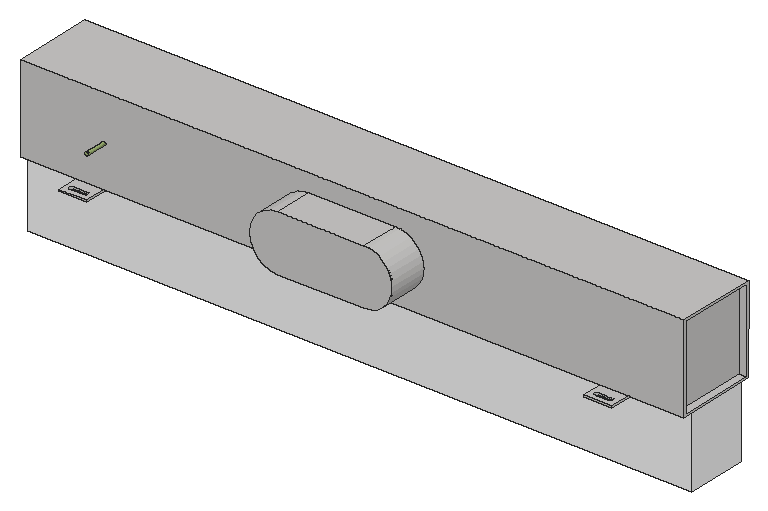
Revit family "HVAC-Inffuser-Dadanco-IDL10i", category Mechanical Equipment, Revit 2015
Parameters (values of type "4' Nominal Length")
  Zone Name [instance] = ""
  Zone ID [instance] = ""
  Unit Width = 0' - 8 199/256"  # constant formula
  Unit Tag [instance] = ""
  Unit Height = 0' - 11 95/256"  # constant formula
  URL = "http://www.dadanco.com/"
  Type Comments = "1 way Discharge Internal Entrainment Linear Inffuser"
  Total Cooling Capacity = 0.0 Btu/h
  Supply Air = 0 CFM
  Revision Date = "04/04/2008"  # constant formula
  Primary Air Static Pressure [instance] = PASP  # 0.00 in-wg
  Primary Air Inlet Size = 0' - 8"
  Primary Air Flow Rate [instance] = PA  # 0 CFM
  PASP = 0.00 in-wg
  PA = 0 CFM
  Overall Unit Length = Nominal Unit Length - 0' 0 1/4"  # 3' - 11 3/4"
  Nozzle Configuration = ""
  Nominal Unit Length = 4' - 0"
  Net Unit Cooling Sensible = 0.0 Btu/h
  Model Number = ""
  Latent Cooling = 0.0 Btu/h
  Keynote = "23 37 00.A1"
  Grill Material = Metal-Dadanco-Aluminum-Bone White
  Product Page URL = "http://www.dadanco.com/inffuser/dadanco_inffuser_air.asp"
  Documentation Link = "http://www.dadanco.com/inffuser/air_quality_literature.asp?productLineID=31"
  Discharge Rear [instance] = not(Discharge Front)  # no
  Discharge Front [instance] = yes
  Cooling Supply Air Temperature = 0 °F
  Cooling Room Relative Humidity = 0
  Cooling Room Dry Bulb = 0 °F
  Cooling Primary Air Relative Humidity = 0
  Model = "IDL10I"  # constant formula
  Manufacturer = "Dadanco"  # constant formula
  Plenum Material = Metal-Dadanco-Steel-Galvanized
  Description = "Inffuser"  # constant formula
  Cooling Primary Air Dry Bulb = 0 °F
  Architectural Design Manual = "http://www.dadanco.com/inffuser/dadanco_inffuser_air.asp"
  Air Inlet Length = if(Primary Air Inlet Size = 0' 6", 0' 7 215/256", if(Primary Air Inlet Size = 0' 8", 0' 10 61/256", if(Primary Air Inlet Size = 0' 10", 1' 0 215/256", 0' 6")))  # 0' - 10 61/256"
  Air Inlet Radius = if(Primary Air Inlet Size = 0' 6", 0' 1 41/128", if(Primary Air Inlet Size = 0' 8", 0' 2 5/256", if(Primary Air Inlet Size = 0' 10", 0' 2 41/128", 0' 1 1/2")))  # 0' - 2 5/256"
  Air Inlet Height = Air Inlet Radius * 2  # 0' - 4 5/128"
  Air Inlet Half Length = Air Inlet Length / 2  # 0' - 5.11914"
  Assembly Code = "D3040100"
Reference planes (in)
  plane 1 "Center (Front/Back)": y = 4.89822
  plane 2 "Bottom of Plenum": z = 5.07209
  plane 3 "Center (Left/Right)": x = 0.55581
  plane 4 "Nominal Right": x = 24.43081
  plane 5 "Back Edge of Back Bracket": y = 9.28689
  plane 6 "Front Edge of Front Bracket": y = 0.50955
  plane 7 "Top": z = 11.37109
  plane 8 "Bottom": z = 0
  plane 9 "Nominal Left": x = -23.31919
  plane 10 "Back Face of Plenum": y = 7.77822
  plane 11 "Front Face of Plenum": y = 2.01822
  plane 12 "Back Face of Grill": y = 7.06372
  plane 13 "Front Face of Grill": y = 2.73272
  plane 14 "Comiss Pipe Centerline": x = -17.31919
  plane 15 "Left Bracket Left Edge": x = -19.31919
  plane 16 "Right Bracket Right Edge": x = 20.43081
  plane 17 "Left End of Air Inlet": x = -4.56333
  plane 18 "Right End of Air Inlet": x = 5.67495
  plane 19 "Horizontal Centerline of Air Inlet": z = 8.07209
  plane 20 "Top of Grill": z = 4.08809
Forms (in)
  Extrusion 1, solid, material "Metal-Dadanco-Steel-Galvanized" <- "Plenum Material"
    sketch origin (0.55581, 0, 0) x (0, 1, 0) y (0, 0, 1)
      loop
        line (2.01822, 5.07209) -> (7.77822, 5.07209) -> (7.77822, 11.37109) -> (2.01822, 11.37109) -> (2.01822, 5.07209)
    from -23.875 to 23.875
  Extrusion 2, void, detail levels medium+fine
    sketch origin (0.55581, 0, 0) x (0, 1, 0) y (0, 0, 1)
      loop
        line (2.14322, 5.19709) -> (7.65322, 5.19709) -> (7.65322, 11.24609) -> (2.14322, 11.24609) -> (2.14322, 5.19709)
    from 23.275 to 23.875
  Extrusion 3, void, detail levels medium+fine
    sketch origin (-23.31919, 29.0104, 48) x (0, -1, 0) y (0, 0, 1)
      loop
        line (21.35718, -42.80291) -> (26.86718, -42.80291) -> (26.86718, -36.75391) -> (21.35718, -36.75391) -> (21.35718, -42.80291)
    from -0.60156 to 0
  Extrusion 4, solid, material "Metal-Dadanco-Copper-Platina", detail levels medium+fine
    sketch origin (-9.20803, 2.01822, 25.43034) x (0, 0, -1) y (-1, 0, 0)
      loop
        circle (17.35825, 8.11116) r 0.125
    from -1.50867 to 0
  Extrusion 5, solid, material "Metal-Dadanco-Steel-Galvanized" <- "Plenum Material", detail levels medium+fine
    sketch origin (0, 2.01822, 0) x (-1, 0, 0) y (0, 0, 1)
      loop
        line (2.5438, 10.09163) -> (-3.65542, 10.09163)
        spline (-3.65542, 10.09163) -> (-4.17811, 10.02281) -> (-4.66519, 9.82106) -> (-5.08345, 9.50012) -> (-5.40439, 9.08186) -> (-5.60614, 8.59479) -> (-5.67495, 8.07209) -> (-5.60614, 7.5494) -> (-5.40439, 7.06233) -> (-5.08345, 6.64407) -> (-4.66519, 6.32313) -> (-4.17811, 6.12138) -> (-3.65542, 6.05256)
        line (-3.65542, 6.05256) -> (2.5438, 6.05256)
        spline (2.5438, 6.05256) -> (3.06649, 6.12138) -> (3.55356, 6.32313) -> (3.97182, 6.64407) -> (4.29276, 7.06233) -> (4.49452, 7.5494) -> (4.56333, 8.07209) -> (4.49452, 8.59479) -> (4.29276, 9.08186) -> (3.97182, 9.50012) -> (3.55356, 9.82106) -> (3.06649, 10.02281) -> (2.5438, 10.09163)
    from -2.8 to 0
  Extrusion 6, solid, material "Metal-Dadanco-Aluminum-Bone White" <- "Grill Material"
    sketch origin (0.55581, 0, 0) x (0, 1, 0) y (0, 0, 1)
      loop
        line (2.73272, 0) -> (7.06372, 0) -> (7.06372, 5.07209) -> (2.73272, 5.07209) -> (2.73272, 0)
    from -23.875 to 23.875
Cuts and joins
  Extrusion 2, Extrusion 3 cuts Extrusion 1
Lines and regions (in)
  Masking region 1
    outline origin (0, 0, 11.37109) x (0, 1, 0) y (-1, 0, 0)
      loop
        line (2.01822, 23.31919) -> (2.01822, -24.43081) -> (7.77822, -24.43081) -> (7.77822, 23.31919) -> (2.01822, 23.31919)
  Masking region 2
    outline origin (0, 2.01822, 0) x (-1, 0, 0) y (0, 0, 1)
      loop
        line (-24.43081, 0) -> (23.31919, 0) -> (23.31919, 11.37109) -> (-24.43081, 11.37109) -> (-24.43081, 0)
  Masking region 3, detail levels medium+fine
    outline origin (-23.31919, 29.0104, 48) x (0, 1, 0) y (0, 0, 1)
      loop
        line (-21.23218, -36.62891) -> (-26.99218, -36.62891) -> (-26.99218, -42.92791) -> (-26.27768, -42.92791) -> (-26.27768, -48) -> (-21.94668, -48) -> (-21.94668, -42.92791) -> (-21.23218, -42.92791) -> (-21.23218, -36.62891)
  Masking region 4, detail levels medium+fine
    outline origin (24.43081, 0, 0) x (0, 1, 0) y (0, 0, 1)
      loop
        line (7.77822, 11.37109) -> (2.01822, 11.37109) -> (2.01822, 5.07209) -> (2.73272, 5.07209) -> (2.73272, 0) -> (7.06372, 0) -> (7.06372, 5.07209) -> (7.77822, 5.07209) -> (7.77822, 11.37109)
  Masking region 5, detail levels medium+fine
    outline origin (0, 0, 8.07209) x (-1, 0, 0) y (0, -1, 0)
      loop
        line (4.56333, 0.78178) -> (-5.67495, 0.78178) -> (-5.67495, -2.01822) -> (4.56333, -2.01822) -> (4.56333, 0.78178)
  Masking region 6, detail levels coarse
    outline origin (24.43081, 0, 0) x (0, 1, 0) y (0, 0, 1)
      loop
        line (2.01822, 11.37109) -> (2.01822, 0) -> (7.77822, 0) -> (7.77822, 11.37109) -> (2.01822, 11.37109)
  Masking region 7, detail levels medium+fine
    outline origin (0.55581, 0, 0) x (0, 1, 0) y (0, 0, 1)
      loop
        line (-0.78178, 6.05256) -> (2.01822, 6.05256) -> (2.01822, 10.09163) -> (-0.78178, 10.09163) -> (-0.78178, 6.05256)
  reference lines
    curve 1: line (-6.4555, 2.01822, 6.05256) -> (8.94293, 2.01822, 6.05256)
    curve 2: line (-6.4555, 2.01822, 10.09163) -> (8.94293, 2.01822, 10.09163)
    curve 4: line (-2.5438, 2.01822, 5.81945) -> (-2.5438, 2.01822, 10.68197)
    curve 5: line (3.65542, 2.01822, 5.81945) -> (3.65542, 2.01822, 10.68197)
    curve 6: line (-5.29742, -0.78178, 0) -> (7.35102, -0.78178, 0)
  model lines, style "MechanicalEquipment", detail levels medium+fine
    curve 3: line (-23.31919, 5.39822, 0) -> (24.43081, 5.39822, 0)
    curve 29: line (-23.31919, 4.39822, 0) -> (24.43081, 4.39822, 0)
    curve 30: line (-23.31919, 3.10772, 0) -> (24.43081, 3.10772, 0)
    curve 31: line (-23.31919, 6.68872, 0) -> (24.43081, 6.68872, 0)
  symbolic lines, detail levels fine
    curve 7: line (-17.44419, 2.01822, 5.07209) -> (-17.44419, 0.50955, 5.07209)
    curve 12: line (-23.31919, 7.65322, 5.19709) -> (-23.31919, 2.14322, 5.19709)
    curve 13: line (-23.31919, 7.65322, 11.24609) -> (-23.31919, 7.65322, 5.19709)
    curve 14: line (-23.31919, 2.14322, 11.24609) -> (-23.31919, 7.65322, 11.24609)
    curve 15: line (-23.31919, 2.14322, 5.19709) -> (-23.31919, 2.14322, 11.24609)
    curve 20: line (0.55581, 2.14322, 5.19709) -> (0.55581, 7.65322, 5.19709)
    curve 21: line (0.55581, 2.14322, 11.24609) -> (0.55581, 2.14322, 5.19709)
    curve 22: line (0.55581, 7.65322, 11.24609) -> (0.55581, 2.14322, 11.24609)
    curve 23: line (0.55581, 7.65322, 5.19709) -> (0.55581, 7.65322, 11.24609)
  symbolic lines, detail levels medium+fine
    curve 8: line (-23.34222, 7.77822, 5.07209) -> (24.43081, 7.77822, 5.07209)
    curve 9: line (-23.31919, 2.01822, 4.08809) -> (24.43081, 2.01822, 4.08809)
    curve 10: line (24.43081, 2.01822, 5.07209) -> (-23.34222, 2.01822, 5.07209)
    curve 11: line (-23.31919, 7.06372, 5.07209) -> (-23.31919, 2.73272, 5.07209)
    curve 16: line (-17.31919, 2.01822, 8.19709) -> (-17.31919, 0.50955, 8.19709)
    curve 17: line (-17.31919, 0.50955, 8.19709) -> (-17.31919, 0.50955, 7.94709)
    curve 18: line (-17.31919, 0.50955, 7.94709) -> (-17.31919, 2.01822, 7.94709)
    curve 19: line (24.43081, 2.73272, 5.07209) -> (24.43081, 7.06372, 5.07209)
    curve 24: circle (-17.31919, 2.01822, 8.07209) r 0.125 normal (0, 1, 0)
    curve 25: spline (-2.5438, 2.01822, 6.05256) -> (-3.06649, 2.01822, 6.12138) -> (-3.55356, 2.01822, 6.32313) -> (-3.97182, 2.01822, 6.64407) -> (-4.29276, 2.01822, 7.06233) -> (-4.49452, 2.01822, 7.5494) -> (-4.56333, 2.01822, 8.07209) -> (-4.49452, 2.01822, 8.59479) -> (-4.29276, 2.01822, 9.08186) -> (-3.97182, 2.01822, 9.50012) -> (-3.55356, 2.01822, 9.82106) -> (-3.06649, 2.01822, 10.02281) -> (-2.5438, 2.01822, 10.09163)
    curve 26: spline (3.65542, 2.01822, 10.09163) -> (4.17811, 2.01822, 10.02281) -> (4.66519, 2.01822, 9.82106) -> (5.08345, 2.01822, 9.50012) -> (5.40439, 2.01822, 9.08186) -> (5.60614, 2.01822, 8.59479) -> (5.67495, 2.01822, 8.07209) -> (5.60614, 2.01822, 7.5494) -> (5.40439, 2.01822, 7.06233) -> (5.08345, 2.01822, 6.64407) -> (4.66519, 2.01822, 6.32313) -> (4.17811, 2.01822, 6.12138) -> (3.65542, 2.01822, 6.05256)
    curve 27: line (-2.5438, 2.01822, 10.09163) -> (3.65542, 2.01822, 10.09163)
    curve 28: line (3.65542, 2.01822, 6.05256) -> (-2.5438, 2.01822, 6.05256)
Dimensions and locks (in)
  equal spacing: plane 9 "Nominal Left", plane 3 "Center (Left/Right)", plane 4 "Nominal Right"
  "Overall Unit Length": plane 9 "Nominal Left" to plane 4 "Nominal Right"
  "Unit Width": plane 6 "Front Edge of Front Bracket" to plane 5 "Back Edge of Back Bracket"
  equal spacing: plane 5 "Back Edge of Back Bracket", plane 1 "Center (Front/Back)", plane 6 "Front Edge of Front Bracket"
  "Unit Height": plane 7 "Top" to plane 8 "Bottom"
  locked: plane 7 "Top" to plane 2 "Bottom of Plenum" at 6.299
  locked: plane 10 "Back Face of Plenum" to plane 11 "Front Face of Plenum" at 5.76
  equal spacing: plane 10 "Back Face of Plenum", plane 1 "Center (Front/Back)", plane 11 "Front Face of Plenum"
  locked: plane 9 "Nominal Left" to plane 14 "Comiss Pipe Centerline" at 6
  locked: plane 9 "Nominal Left" to plane 15 "Left Bracket Left Edge" at 4
  locked: plane 16 "Right Bracket Right Edge" to plane 4 "Nominal Right" at 4
  locked: plane 19 "Horizontal Centerline of Air Inlet" to plane 2 "Bottom of Plenum" at 3
  "Air Inlet Half Length": plane 17 "Left End of Air Inlet" to plane 3 "Center (Left/Right)"
  "Air Inlet Half Length": plane 18 "Right End of Air Inlet" to plane 3 "Center (Left/Right)"
  "Air Inlet Radius": plane 19 "Horizontal Centerline of Air Inlet" to curve 1
  "Air Inlet Radius": curve 2 to plane 19 "Horizontal Centerline of Air Inlet"
  locked: plane 2 "Bottom of Plenum" to plane 20 "Top of Grill" at 0.984
  locked: plane 7 "Top" to Extrusion 2 sketch curve at 0.125
  locked: Extrusion 1 to Extrusion 2 sketch curve at 0.125
  locked: Extrusion 2 sketch curve to Extrusion 1 at 0.125
  locked: Extrusion 2 sketch curve to plane 2 "Bottom of Plenum" at 0.125
  locked: cut or joined group of Extrusion 1, Extrusion 2, Extrusion 3 to plane 4 "Nominal Right" at 0.6  (x2)
  locked: cut or joined group of Extrusion 1, Extrusion 2, Extrusion 3 to plane 9 "Nominal Left" at 0.60156
  plane 4 "Nominal Right" to cut or joined group of Extrusion 1, Extrusion 2, Extrusion 3 = 0' - 0"
  locked: plane 9 "Nominal Left" to cut or joined group of Extrusion 1, Extrusion 2, Extrusion 3 at 0
  locked: plane 1 "Center (Front/Back)" to curve 3 at 0.5
  "Air Inlet Radius": plane 17 "Left End of Air Inlet" to curve 4
  "Air Inlet Radius": plane 18 "Right End of Air Inlet" to curve 5
  locked: plane 18 "Right End of Air Inlet" to Extrusion 5 sketch curve at 0
  locked: plane 17 "Left End of Air Inlet" to Extrusion 5 sketch curve at 0
  locked: plane 11 "Front Face of Plenum" to curve 6 at 2.8
  locked: plane 12 "Back Face of Grill" to plane 13 "Front Face of Grill" at 4.331
  equal spacing: plane 12 "Back Face of Grill", plane 1 "Center (Front/Back)", plane 13 "Front Face of Grill"
  locked: plane 9 "Nominal Left" to cut or joined group of Extrusion 1, Extrusion 2, Extrusion 3 at 0.60156
  "Air Inlet Half Length": Masking region 5 sketch curve to plane 3 "Center (Left/Right)"
  "Air Inlet Half Length": plane 3 "Center (Left/Right)" to Masking region 5 sketch curve
  locked: curve 29 to plane 1 "Center (Front/Back)" at 0.5
  locked: curve 30 to plane 13 "Front Face of Grill" at 0.375
  locked: plane 12 "Back Face of Grill" to curve 31 at 0.375
  aligned and locked: plane 8 "Bottom" to level
  aligned and locked: plane 11 "Front Face of Plenum" to Extrusion 1 sketch curve
  aligned and locked: plane 7 "Top" to Extrusion 1 sketch curve
  aligned and locked: Extrusion 1 to plane 9 "Nominal Left"
  aligned and locked: Extrusion 1 to plane 4 "Nominal Right"
  aligned and locked: plane 10 "Back Face of Plenum" to Extrusion 1 sketch curve
  aligned and locked: Extrusion 2 to plane 4 "Nominal Right"
  aligned and locked: Extrusion 3 sketch curve to cut or joined group of Extrusion 1, Extrusion 2, Extrusion 3  (x3)
  aligned and locked: cut or joined group of Extrusion 1, Extrusion 2, Extrusion 3 to Extrusion 3 sketch curve
  aligned and locked: cut or joined group of Extrusion 1, Extrusion 2, Extrusion 3 to plane 4 "Nominal Right"
  aligned and locked: plane 4 "Nominal Right" to cut or joined group of Extrusion 1, Extrusion 2, Extrusion 3  (x3)
  aligned and locked: plane 9 "Nominal Left" to cut or joined group of Extrusion 1, Extrusion 2, Extrusion 3
  aligned and locked: Extrusion 3 to plane 9 "Nominal Left"
  aligned and locked: plane 11 "Front Face of Plenum" to Extrusion 4
  aligned and locked: plane 6 "Front Edge of Front Bracket" to Extrusion 4
  aligned and locked: plane 4 "Nominal Right" to curve 3
  aligned and locked: plane 9 "Nominal Left" to curve 3
  aligned and locked: curve 2 to Extrusion 5 sketch curve
  aligned and locked: Extrusion 5 sketch curve to curve 1
  aligned and locked: curve 5 to Extrusion 5 sketch curve  (x2)
  aligned and locked: curve 4 to Extrusion 5 sketch curve  (x2)
  aligned: plane 6 "Front Edge of Front Bracket" to Extrusion 5
  aligned and locked: plane 11 "Front Face of Plenum" to Extrusion 5
  aligned and locked: Masking region 1 sketch curve to cut or joined group of Extrusion 1, Extrusion 2, Extrusion 3  (x3)
  aligned and locked: cut or joined group of Extrusion 1, Extrusion 2, Extrusion 3 to Masking region 1 sketch curve
  aligned and locked: curve 6 to Extrusion 5
  aligned and locked: Masking region 2 sketch curve to curve 3
  aligned and locked: Masking region 2 sketch curve to cut or joined group of Extrusion 1, Extrusion 2, Extrusion 3  (x2)
  aligned and locked: plane 2 "Bottom of Plenum" to curve 8
  aligned and locked: plane 2 "Bottom of Plenum" to curve 10
  aligned and locked: curve 9 to plane 20 "Top of Grill"
  aligned and locked: Masking region 3 sketch curve to plane 7 "Top"
  aligned and locked: Masking region 3 sketch curve to plane 10 "Back Face of Plenum"
  aligned and locked: plane 11 "Front Face of Plenum" to Masking region 3 sketch curve
  aligned and locked: plane 13 "Front Face of Grill" to Masking region 3 sketch curve
  aligned and locked: Masking region 3 sketch curve to plane 12 "Back Face of Grill"
  aligned and locked: Masking region 3 sketch curve to plane 8 "Bottom"
  aligned and locked: plane 2 "Bottom of Plenum" to Masking region 3 sketch curve  (x2)
  aligned and locked: curve 12 to cut or joined group of Extrusion 1, Extrusion 2, Extrusion 3  (x2)
  aligned and locked: cut or joined group of Extrusion 1, Extrusion 2, Extrusion 3 to curve 15
  aligned and locked: curve 15 to cut or joined group of Extrusion 1, Extrusion 2, Extrusion 3
  aligned and locked: curve 20 to cut or joined group of Extrusion 1, Extrusion 2, Extrusion 3  (x2)
  aligned and locked: cut or joined group of Extrusion 1, Extrusion 2, Extrusion 3 to curve 23
  aligned and locked: curve 23 to cut or joined group of Extrusion 1, Extrusion 2, Extrusion 3
  aligned and locked: plane 14 "Comiss Pipe Centerline" to Extrusion 4 sketch curve
  aligned and locked: plane 19 "Horizontal Centerline of Air Inlet" to Extrusion 4 sketch curve
  aligned and locked: plane 5 "Back Edge of Back Bracket" to nested 2
  aligned and locked: plane 6 "Front Edge of Front Bracket" to nested 1
  aligned and locked: plane 6 "Front Edge of Front Bracket" to nested 4
  aligned and locked: plane 5 "Back Edge of Back Bracket" to nested 3
  aligned and locked: nested 1 to plane 2 "Bottom of Plenum"
  aligned and locked: plane 2 "Bottom of Plenum" to nested 2
  aligned and locked: plane 2 "Bottom of Plenum" to nested 3
  aligned and locked: nested 4 to plane 2 "Bottom of Plenum"
  aligned and locked: cut or joined group of Extrusion 1, Extrusion 2, Extrusion 3 to plane 2 "Bottom of Plenum"
  aligned and locked: plane 15 "Left Bracket Left Edge" to nested 4
  aligned and locked: nested 3 to plane 15 "Left Bracket Left Edge"
  aligned and locked: nested 2 to plane 16 "Right Bracket Right Edge"
  aligned and locked: plane 16 "Right Bracket Right Edge" to nested 1
  aligned and locked: Masking region 5 sketch curve to Extrusion 5  (x2)
  aligned and locked: curve 4 to curve 25  (x2)
  aligned and locked: curve 5 to curve 26  (x2)
  aligned and locked: curve 27 to Extrusion 5
  aligned and locked: curve 28 to Extrusion 5
  aligned and locked: plane 11 "Front Face of Plenum" to Masking region 6 sketch curve
  aligned and locked: plane 7 "Top" to Masking region 6 sketch curve
  aligned and locked: plane 8 "Bottom" to Masking region 6 sketch curve
  aligned and locked: plane 10 "Back Face of Plenum" to Masking region 6 sketch curve
  aligned and locked: Masking region 7 sketch curve to Extrusion 5  (x3)
  aligned and locked: Extrusion 5 to Masking region 7 sketch curve
  aligned and locked: plane 13 "Front Face of Grill" to Extrusion 6 sketch curve
  aligned and locked: plane 2 "Bottom of Plenum" to Extrusion 6 sketch curve
  aligned and locked: plane 8 "Bottom" to Extrusion 6 sketch curve
  aligned and locked: plane 12 "Back Face of Grill" to Extrusion 6 sketch curve
  aligned and locked: Extrusion 6 to plane 9 "Nominal Left"
  aligned and locked: Extrusion 6 to plane 4 "Nominal Right"
Automatic sketch dimensions
  curve 2 to plane 18 "Right End of Air Inlet" = 0' - 3.26798"
  plane 17 "Left End of Air Inlet" to curve 2 = 0' - 1.89217"
  curve 1 to curve 2 = 0' - 0"
  plane 17 "Left End of Air Inlet" to curve 1 = 0' - 1.89217"
  curve 4 to plane 7 "Top" = 0' - 0.68912"
  plane 2 "Bottom of Plenum" to curve 4 = 0' - 0.74736"
  plane 2 "Bottom of Plenum" to curve 5 = 0' - 0.74736"
  curve 5 to plane 7 "Top" = 0' - 0.68912"
  plane 18 "Right End of Air Inlet" to curve 6 = 0' - 1.67607"
  curve 6 to plane 17 "Left End of Air Inlet" = 0' - 0.73409"
  curve 11 to plane 2 "Bottom of Plenum" = 0' - 0"
  curve 11 to plane 13 "Front Face of Grill" = 0' - 0"
  curve 11 to plane 12 "Back Face of Grill" = 0' - 0"
  Extrusion 1 sketch curve to plane 2 "Bottom of Plenum" = 0' - 0"
  curve 30 to plane 4 "Nominal Right" = 0' - 0"
  curve 29 to plane 4 "Nominal Right" = 0' - 0"
  curve 31 to plane 4 "Nominal Right" = 0' - 0"
  curve 30 to plane 9 "Nominal Left" = 0' - 0"
  curve 31 to plane 9 "Nominal Left" = 0' - 0"
  curve 29 to plane 9 "Nominal Left" = 0' - 0"
  plane 6 "Front Edge of Front Bracket" to curve 7 = 0' - 0"
  curve 7 to plane 11 "Front Face of Plenum" = 0' - 0"
  plane 14 "Comiss Pipe Centerline" to curve 7 = 0' - 0 1/8"
  plane 4 "Nominal Right" to Masking region 2 sketch curve = 0' - 0"
  plane 4 "Nominal Right" to curve 8 = 0' - 0"
  curve 8 to plane 9 "Nominal Left" = 0' - 0.02304"
  plane 4 "Nominal Right" to curve 9 = 0' - 0"
  plane 4 "Nominal Right" to curve 10 = 0' - 0"
  plane 14 "Comiss Pipe Centerline" to curve 24 = 0' - 0"
  curve 9 to plane 9 "Nominal Left" = 0' - 0"
  curve 24 to plane 19 "Horizontal Centerline of Air Inlet" = 0' - 0"
  curve 10 to plane 9 "Nominal Left" = 0' - 0.02304"
  curve 18 to plane 11 "Front Face of Plenum" = 0' - 0"
  curve 16 to plane 11 "Front Face of Plenum" = 0' - 0"
  curve 17 to plane 6 "Front Edge of Front Bracket" = 0' - 0"
  curve 18 to plane 19 "Horizontal Centerline of Air Inlet" = 0' - 0 1/8"
  plane 19 "Horizontal Centerline of Air Inlet" to curve 17 = 0' - 0 1/8"
  Masking region 4 sketch curve to plane 7 "Top" = 0' - 0"
  Masking region 4 sketch curve to plane 11 "Front Face of Plenum" = 0' - 0"
  level to Masking region 4 sketch curve = 0' - 0"
  Masking region 4 sketch curve to plane 13 "Front Face of Grill" = 0' - 0"
  Masking region 4 sketch curve to plane 12 "Back Face of Grill" = 0' - 0"
  Masking region 4 sketch curve to plane 10 "Back Face of Plenum" = 0' - 0"
  Masking region 4 sketch curve to plane 2 "Bottom of Plenum" = 0' - 0"  (x2)
  curve 19 to plane 2 "Bottom of Plenum" = 0' - 0"
  curve 19 to plane 13 "Front Face of Grill" = 0' - 0"
  curve 19 to plane 12 "Back Face of Grill" = 0' - 0"
  radius of Extrusion 4 sketch curve = 0' - 0 1/8"
  radius of curve 24 = 0' - 0 1/8"
Nested families (in)
  nested 1: "HVAC-Inffuser-Dadanco-IDL_Bracket" at (19.43081, 1.57555, 5.07209), type "Flat Bracket", detail levels medium+fine
  nested 2: "HVAC-Inffuser-Dadanco-IDL_Bracket" at (19.43081, 8.22089, 5.07209) x (-1, 0, 0) z (0, 0, 1), type "Flat Bracket", detail levels medium+fine
  nested 3: "HVAC-Inffuser-Dadanco-IDL_Bracket" at (-18.31919, 8.22089, 5.07209) x (-1, 0, 0) z (0, 0, 1), type "Flat Bracket", detail levels medium+fine
  nested 4: "HVAC-Inffuser-Dadanco-IDL_Bracket" at (-18.31919, 1.57555, 5.07209), type "Flat Bracket", detail levels medium+fine
  nested 5: "Duct Terminal Arrow" at (0.55581, 11.48332, 0) x (0, 1, 0) z (0, 0, 1), visible <- "Discharge Rear", type "Duct Terminal Arrow"
  nested 6: "Duct Terminal Arrow" at (0.55581, -5.84789, 0) x (0, -1, 0) z (0, 0, 1), visible <- "Discharge Front", type "Duct Terminal Arrow"
Connectors (in)
  hvac at (0.55581, -0.78178, 8.07209), driven by "Air Inlet Height", driven by "Air Inlet Length", driven by "Primary Air Flow Rate", driven by "Primary Air Static Pressure"
    settings: on Extrusion 5, index 1, duct flow 0 CFM, flow factor 0, pres drop 0.00 in-wg, loss coef 0, conn angle 0.00°, conn width 10 61/256", conn height 4 5/128", conn diameter 24", duct sys type 1, conn prof type 1, flow config 1, flow direction 1, loss method 4, conn ref index -1, conn util no, is conn primary yes, conn desc "Primary Air Inlet Front"
Definition of nested family "HVAC-Inffuser-Dadanco-IDL_Bracket"
  Reference planes (in)
    plane 1 "Center (Front/Back)": y = 0
    plane 2: z = 0
    plane 3 "Center (Left/Right)": x = 0
    plane 4: x = -1
    plane 5: x = 1
    plane 6: y = 1.334
    plane 7: y = -1.066
  Forms (in)
    Extrusion 1, solid, detail levels medium+fine
      sketch origin (0, 0, 0) x (1, 0, 0) y (0, 1, 0)
        loop
          line (-1, -1.066) -> (1, -1.066) -> (1, 1.334) -> (-1, 1.334) -> (-1, -1.066)
      from -0.125 to 0
    Extrusion 2, void
      sketch origin (0, 0, 0) x (1, 0, 0) y (0, 1, 0)
        loop
          arc (-0.5, -0.35) -> (-0.683, -0.533) -> (-0.5, -0.716) r 0.183
          line (-0.5, -0.716) -> (0.5, -0.716)
          arc (0.5, -0.716) -> (0.683, -0.533) -> (0.5, -0.35) r 0.183
          line (0.5, -0.35) -> (-0.5, -0.35)
      from -0.125 to 0
  Cuts and joins
    Extrusion 2 cuts Extrusion 1
  Lines and regions (in)
    reference lines
      curve 1: line (-0.84521, -0.716, 0) -> (0.85256, -0.716, 0)
      curve 2: line (-0.84521, -0.35, 0) -> (0.85256, -0.35, 0)
      curve 3: line (-0.5, -0.90921, 0) -> (-0.5, -0.12051, 0)
      curve 4: line (0.5, -0.90921, 0) -> (0.5, -0.12051, 0)
    symbolic lines, detail levels fine
      curve 5: line (0.5, -0.35, 0) -> (-0.5, -0.35, 0)
      curve 6: arc (-0.5, -0.35, 0) -> (-0.683, -0.533, 0) -> (-0.5, -0.716, 0) r 0.183
      curve 7: line (-0.5, -0.716, 0) -> (0.5, -0.716, 0)
      curve 8: arc (0.5, -0.716, 0) -> (0.683, -0.533, 0) -> (0.5, -0.35, 0) r 0.183
      curve 9: line (-1, 0, -0.125) -> (1, 0, -0.125)
      curve 10: line (-1, 0, 0) -> (-1, 0, -0.125)
      curve 12: line (1, 0, -0.125) -> (1, 0, 0)
      curve 14: line (0, -1.066, -0.125) -> (0, -1.066, 0)
      curve 15: line (0, 1.334, -0.125) -> (0, -1.066, -0.125)
      curve 16: line (0, 1.334, 0) -> (0, 1.334, -0.125)
    symbolic lines, detail levels medium+fine
      curve 11: line (1, 0, 0) -> (-1, 0, 0)
      curve 13: line (0, -1.066, 0) -> (0, 1.334, 0)
      curve 17: line (-1, 0.434, 0) -> (-1, -1.066, 0)
      curve 18: line (-1, -1.066, 0) -> (1, -1.066, 0)
      curve 19: line (1, -1.066, 0) -> (1, 0.434, 0)
  Dimensions and locks (in)
    locked: plane 6 to plane 7 at 2.4
    equal spacing: plane 4, plane 3 "Center (Left/Right)", plane 5
    locked: plane 4 to plane 5 at 2
    locked: curve 1 to plane 7 at 0.35
    locked: curve 2 to plane 1 "Center (Front/Back)" at 0.35
    curve 3 to plane 3 "Center (Left/Right)" to curve 4 = 0' - 0 1/2" locked, 0' - 0 1/2" locked
    locked: Extrusion 1 to Extrusion 1 at 0.125
    locked: Extrusion 2 to Extrusion 2 at 0.125
    locked: plane 1 "Center (Front/Back)" to plane 6 at 1.334
    aligned and locked: plane 4 to Extrusion 1 sketch curve
    aligned and locked: Extrusion 1 sketch curve to plane 7
    aligned and locked: plane 6 to Extrusion 1 sketch curve
    aligned and locked: Extrusion 1 sketch curve to plane 5
    aligned and locked: level to Extrusion 1
    aligned and locked: curve 2 to Extrusion 2 sketch curve
    aligned and locked: Extrusion 2 sketch curve to curve 1
    aligned and locked: curve 4 to Extrusion 2 sketch curve  (x2)
    aligned and locked: curve 3 to Extrusion 2 sketch curve  (x2)
    aligned and locked: plane 2 to Extrusion 2
    aligned and locked: curve 6 to cut or joined group of Extrusion 1, Extrusion 2
    aligned and locked: curve 8 to cut or joined group of Extrusion 1, Extrusion 2
    aligned and locked: curve 9 to cut or joined group of Extrusion 1, Extrusion 2  (x2)
    aligned and locked: cut or joined group of Extrusion 1, Extrusion 2 to curve 12
    aligned and locked: curve 12 to cut or joined group of Extrusion 1, Extrusion 2
    aligned and locked: curve 13 to cut or joined group of Extrusion 1, Extrusion 2  (x2)
    aligned and locked: curve 16 to cut or joined group of Extrusion 1, Extrusion 2  (x2)
    aligned and locked: cut or joined group of Extrusion 1, Extrusion 2 to plane 5
    aligned and locked: plane 4 to curve 17
    aligned and locked: cut or joined group of Extrusion 1, Extrusion 2 to plane 7
  Automatic sketch dimensions
    curve 2 to plane 4 = 0' - 0.15479"
    curve 1 to plane 4 = 0' - 0.15479"
    plane 7 to curve 3 = 0' - 0.15679"
    plane 5 to curve 2 = 0' - 0.14744"
    plane 5 to curve 1 = 0' - 0.14744"
    plane 7 to curve 4 = 0' - 0.15679"
    plane 1 "Center (Front/Back)" to curve 4 = 0' - 0.12051"
    plane 1 "Center (Front/Back)" to curve 3 = 0' - 0.12051"
    curve 18 to plane 5 = 0' - 0"
    curve 18 to plane 7 = 0' - 0"
    curve 19 to plane 1 "Center (Front/Back)" = 0' - 0.434"
    curve 17 to plane 1 "Center (Front/Back)" = 0' - 0.434"
Definition of nested family "Duct Terminal Arrow"
  Reference planes (in)
    plane 1: y = 0
    plane 2: x = 0
  Lines and regions (in)
    Filled region 1, type "Solid Black"
      outline origin (-0.75, 0, 0) x (1, 0, 0) y (0, 1, 0)
        loop
          line (1, 0) -> (0.875, 0.0455) -> (0.875, -0.0455) -> (1, 0)
    detail lines
      curve 1: line (0, 0, 0) -> (0.25, 0, 0)
  Dimensions and locks (in)
    aligned and locked: plane 2 to curve 1
